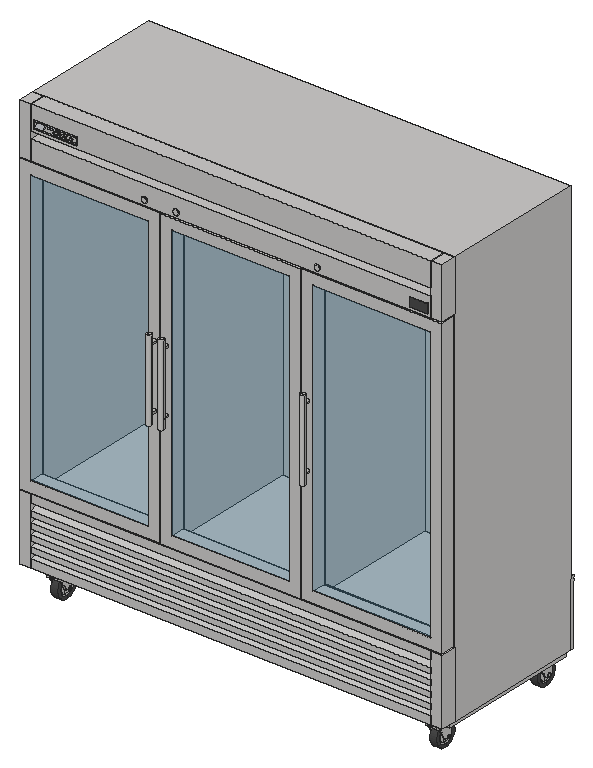
Revit family "QF_TRUE_T-72FG-HC~FGD01", category Specialty Equipment, Revit 2015
Parameters
  Weight in Pounds = 760
  Watts = Volts * FL Amps  # 1495 W
  Volts = 115 V
  URL Cutsheet = "www.truemfg.com"
  URL = "www.truemfg.com"
  Specification by User = ""
  Specification by Manufacturer = ""
  Show Clearance [instance] = yes
  Show 6 Inches Standard Legs [instance] = no
  Show 6 Inches Seismic Flanged Legs [instance] = no
  6 Inches Seismic Flanged Legs [instance] = and(Show 6 Inches Seismic Flanged Legs, not(Show 5 Inches Castors))  # no
  Show Logo [instance] = yes
  Serial Number = ""
  Seismic Rating = ""
  SMACNA No = ""
  Revision Code = ""
  Phase = 1
  Overall Height [instance] = Body Height + Base Height  # 83 3/8"
  Number of Poles = 1
  NAFEM Spec ID Number = ""
  Model = "T-72FG-HC-FGD01"
  Min Ckt Ampacity = 0 A
  Max Overcurrent Protection = 0 A
  Masterspec = ""
  Manufacturer = "TRUE"
  Length = 78 1/8"
  Item Number = ""
  Installed By = ""
  Identify Quantity as Lot = yes
  Height = 83 3/8"
  HP = "3/4"
  Furnished By = ""
  Foodservice Equipment Identifier = yes
  FL Amps = 13 A
  Electrical Remarks = ""
  Electric Connection Type = ""
  Elec Conn RI Height = 0"
  Elec Conn Connection Height = 0"
  Description = "REACH-IN GLASS SWING DOOR - 10ºF FREEZER WITH HYDROCARBON REFRIGERANT~FRAMED GLASS DOOR VERSION 01"
  Depth = 29 7/8"
  Cycle = 60 Hz
  Conn Plug = "NEMA-5-20P"
  Conn Conduit = yes
  CSI MasterFormat = ""
  Body Height = 78 3/8"
  Base Height [instance] = if(Show 5 Inches Castors, 5", 6")  # 5"
  Apparent Power = 0 VA
  6 Inches Standard Legs [instance] = and(Show 6 Inches Standard Legs, not(Show 5 Inches Castors))  # no
  Show 5 Inches Castors [instance] = if(Show 6 Inches Seismic Flanged Legs, Show 6 Inches Standard Legs, not(Show 6 Inches Standard Legs))  # yes
Reference planes (in)
  plane 1 "BACK": y = 0
  plane 2: z = 0
  plane 3 "LEFT": x = 0
  plane 4 "RIGHT": x = 78.125
  plane 5 "FRONT": y = -29.875
  plane 6 "TOP": z = 83.375
  plane 7 "Center Y": x = 39.0625
  plane 8 "Center X": y = -14.9375
  plane 9: z = 5
Dimensions and locks (in)
  equal spacing: plane 3 "LEFT", plane 7 "Center Y", plane 4 "RIGHT"
  "Length": plane 3 "LEFT" to plane 4 "RIGHT"
  equal spacing: plane 5 "FRONT", plane 8 "Center X", plane 1 "BACK"
  "Depth": plane 5 "FRONT" to plane 1 "BACK"
  "Overall Height": plane 6 "TOP" to level
  plane 3 "LEFT" to plane 4 "RIGHT" = 78 1/8"
  "Base Height": plane 9 to level
  "Body Height": nested 5 to plane 9
  plane 6 "TOP" to nested 5 = 77"
  plane 1 "BACK" to nested 5 = 5/8"  (x2)
  nested 5 to plane 5 "FRONT" = 1 5/8"  (x2)
  nested 5 to nested 5 = 30 1/2"
  nested 5 to nested 5 = 32 1/8"  (x2)
  plane 5 "FRONT" to plane 1 "BACK" = 29 7/8"
  nested 5 to plane 1 "BACK" = 31 1/2"
  aligned and locked: level to plane 2
Nested families (in)
  nested 1: "CASTER-LEGS" at (4, -2.625, 0), Show 5" Casters <- "Show 5 Inches Castors", Show 6 Inches Legs <- "6 Inches Standard Legs", Show Siesmic Flanged <- "6 Inches Seismic Flanged Legs", type "CASTER-LEGS"
    with Type Mark "", Status "", Specification by User "", Show Siesmic Flanged no, Show 6" Casters no, Show 6 Inches Legs no, Show 5" Casters yes, Show 4" Casters no, Show 2.5 Standard Legs no, Show 2.5 Casters no, Revision Code "", Low Profile no, Item Number "", Installed By "", Identify Quantity as Lot yes, Furnished By "", Foodservice Equipment Identifier yes
  nested 2: "CASTER-LEGS" at (4, -25.875, 0), Show 5" Casters <- "Show 5 Inches Castors", Show 6 Inches Legs <- "6 Inches Standard Legs", Show Siesmic Flanged <- "6 Inches Seismic Flanged Legs", type "CASTER-LEGS"
    with Type Mark "", Status "", Specification by User "", Show Siesmic Flanged no, Show 6" Casters no, Show 6 Inches Legs no, Show 5" Casters yes, Show 4" Casters no, Show 2.5 Standard Legs no, Show 2.5 Casters no, Revision Code "", Low Profile no, Item Number "", Installed By "", Identify Quantity as Lot yes, Furnished By "", Foodservice Equipment Identifier yes
  nested 3: "CASTER-LEGS" at (74.125, -2.625, 0), Show 5" Casters <- "Show 5 Inches Castors", Show 6 Inches Legs <- "6 Inches Standard Legs", Show Siesmic Flanged <- "6 Inches Seismic Flanged Legs", type "CASTER-LEGS"
    with Type Mark "", Status "", Specification by User "", Show Siesmic Flanged no, Show 6" Casters no, Show 6 Inches Legs no, Show 5" Casters yes, Show 4" Casters no, Show 2.5 Standard Legs no, Show 2.5 Casters no, Revision Code "", Low Profile no, Item Number "", Installed By "", Identify Quantity as Lot yes, Furnished By "", Foodservice Equipment Identifier yes
  nested 4: "CASTER-LEGS" at (74.125, -25.875, 0), Show 5" Casters <- "Show 5 Inches Castors", Show 6 Inches Legs <- "6 Inches Standard Legs", Show Siesmic Flanged <- "6 Inches Seismic Flanged Legs", type "CASTER-LEGS"
    with Type Mark "", Status "", Specification by User "", Show Siesmic Flanged no, Show 6" Casters no, Show 6 Inches Legs no, Show 5" Casters yes, Show 4" Casters no, Show 2.5 Standard Legs no, Show 2.5 Casters no, Revision Code "", Low Profile no, Item Number "", Installed By "", Identify Quantity as Lot yes, Furnished By "", Foodservice Equipment Identifier yes
  nested 5: "T-72FG-HC-FGD01" at (0, 0, 0), Show Clearance <- "Show Clearance", Show Logo <- "Show Logo", type "T-72FG-HC-FGD01"
    with Show Logo yes, Material and Finishes QF_Metal - Stainless - Polished
Connectors (in)
  electrical at (39.0625, 0.5, 12.75), driven by "Volts", driven by "Watts"
    settings: on nested 5, index 1, voltage 115 V, apparent load 1495 VA, apparent load phase1 0 VA, apparent load phase2 0 VA, apparent load phase3 0 VA, power factor 1, load classification "Other", number of poles 1, system type 30, power factor state 1, is connector primary yes, connector utility no, sub classification motor no, connector description "ELECTRICAL CONNECTION"
Definition of nested family "CASTER-LEGS"
  Parameters (values of type "CASTER-LEGS")
    Weight = ""
    URL Manufacturer = ""
    URL Cutsheet = ""
    URL = ""
    Type Mark [instance] = ""
    Status [instance] = ""
    Specification by User [instance] = ""
    Specification by Manufacturer = ""
    Show Siesmic Flanged [instance] = yes
    Show 6 Inches Legs [instance] = yes
    Show 6" Casters [instance] = yes
    Show 5" Casters [instance] = yes
    Show 4" Casters [instance] = yes
    Show 2.5 Standard Legs [instance] = yes
    Show 2.5 Casters [instance] = yes
    Serial Number = ""
    Seismic Rating = ""
    SMACNA No = ""
    Revision Code [instance] = ""
    Omniclass Number and Title = ""
    NAFEM Spec ID Number = ""
    Model = ""
    MasterSpec. = ""
    Manufacturer = ""
    Low Profile [instance] = yes
    Item Number [instance] = ""
    Installed By [instance] = ""
    Identify Quantity as Lot [instance] = yes
    Furnished By [instance] = ""
    Foodservice Equipment Identifier [instance] = yes
    Description = ""
    CSI MasterFormat = ""
    CSI Master Format = ""
    Assembly Code = ""
  Reference planes (in)
    plane 1: z = 0
    plane 2 "RIGHT": x = 0
    plane 3 "FRONT": y = 0
    plane 4 "TOP": z = 6
    plane 5: z = 2.125
    plane 6: z = 2.5
    plane 7: z = 6.25
  Forms (in)
    Revolve 1, solid, visible <- "Show 6 Inches Legs"
      sketch origin (11.12172, 0, 0) x (-1, 0, 0) y (0, 0, -1)
        loop
          line (11.12172, -6) -> (11.12172, 0) -> (10.62172, 0) -> (10.62172, -1.30261) -> (10.37172, -1.30261) -> (10.37172, -6) -> (11.12172, -6)
        axis (11.12172, 0) -> (11.12172, -6)
      angle from 0 to 360
    Extrusion 2, solid, visible <- "Show Siesmic Flanged"
      sketch origin (0, 0, 0) x (1, 0, 0) y (0, 1, 0)
        loop
          circle (-0.00825, 0) r 1
      from 0 to 0.125
    Revolve 3, solid, visible <- "Show Siesmic Flanged"
      sketch origin (11.12172, 0, 0) x (-1, 0, 0) y (0, 0, -1)
        loop
          line (11.12172, -6) -> (11.12172, -0.125) -> (10.62172, -0.125) -> (10.62172, -1.30261) -> (10.37172, -1.30261) -> (10.37172, -6) -> (11.12172, -6)
        axis (11.12172, -0.125) -> (11.12172, -6)
      angle from 0 to 360
    Revolve 4, solid, visible <- "Show 2.5 Standard Legs"
      sketch origin (11.12172, 0, 0) x (-1, 0, 0) y (0, 0, -1)
        loop
          line (11.12172, -2.5) -> (11.12172, 0) -> (10.62172, 0) -> (10.62172, -0.75) -> (10.37172, -0.75) -> (10.37172, -2.5) -> (11.12172, -2.5)
        axis (11.12172, 0) -> (11.12172, -2.5)
      angle from 0 to 360
  Dimensions and locks (in)
    plane 4 "TOP" to level = 6"  (x2)
    locked: Revolve 1 sketch curve to Revolve 1 sketch curve at 1.30261
    locked: Revolve 1 sketch curve to Revolve 1 sketch curve at 0.75
    nested 1 to level = 5"
    plane 6 to plane 1 = 2 1/2"
    plane 5 to plane 1 = 2 1/8"
    plane 7 to plane 1 = 6 1/4"
    locked: Revolve 3 sketch curve to Revolve 3 sketch curve at 0.75
    aligned and locked: level to plane 1
  Nested families (in)
    nested 1: "PITCO_5 INCHES CASTER" at (0, 0, 0), Show Casters <- "Show 5" Casters", type "PITCO_5 INCHES CASTER"
      with Type Mark "", Status "", Specification by User "", Show Casters yes, Revision Code "", Item Number "", Installed By "", Identify Quantity as Lot yes, Furnished By "", Foodservice Equipment Identifier yes
    nested 2: "2.13" at (0, 0, 0), 2.5 Inches Caster <- "Low Profile", type "2.13"
      with Type Mark "", Status "", Specification by User "", Revision Code "", Item Number "", Installed By "", Identify Quantity as Lot yes, Furnished By "", Foodservice Equipment Identifier yes, 2.5 Inches Caster yes
    nested 3: "C4" at (0, 0, 0), Show 4 Inches Casters <- "Show 4" Casters", type "C4"
      with Type Mark "", Specification by User "", Show 4 Inches Casters yes, Revision Code "", Item Number "", Installed By "", Identify Quantity as Lot yes, Furnished By "", Foodservice Equipment Identifier yes
    nested 4: "6 Inches Leg & Caster" at (0, 0, 0), Show Casters <- "Show 6" Casters", type "6 Inches Leg & Caster"
      with Type Mark "", Status "", Specification by User "", Show Casters yes, Revision Code "", Item Number "", Installed By "", Identify Quantity as Lot yes, Furnished By "", Foodservice Equipment Identifier yes
    nested 5: "C2.5" at (0, -0.86941, 0), 2.5 Inches Caster <- "Show 2.5 Casters", type "C2.5"
      with Type Mark "", Status "", Specification by User "", Revision Code "", Item Number "", Installed By "", Identify Quantity as Lot yes, Furnished By "", Foodservice Equipment Identifier yes, 2.5 Inches Caster yes
  Definition of nested family "PITCO_5 INCHES CASTER"
    Parameters (values of type "PITCO_5 INCHES CASTER")
      Weight = ""
      URL Manufacturer = ""
      URL Cutsheet = ""
      URL = ""
      Type Mark [instance] = ""
      Status [instance] = ""
      Specification by User [instance] = ""
      Specification by Manufacturer = ""
      Show Casters [instance] = yes
      Rubber = none
      Chrome = none
      Serial Number = ""
      Seismic Rating = ""
      SMACNA No = ""
      Revision Code [instance] = ""
      Omniclass Number and Title = ""
      NAFEM Spec ID Number = ""
      Model = ""
      MasterSpec. = ""
      Manufacturer = ""
      Item Number [instance] = ""
      Installed By [instance] = ""
      Identify Quantity as Lot [instance] = yes
      Furnished By [instance] = ""
      Foodservice Equipment Identifier [instance] = yes
      Description = ""
      CSI MasterFormat = ""
      CSI Master Format = ""
      Assembly Code = ""
    Reference planes (in)
      plane 1: z = 0
      plane 2 "RIGHT": x = 0
      plane 3 "FRONT": y = 0
      plane 4 "TOP": z = 5
      plane 5: z = 5.0625
    Forms (in)
      Revolve 1, solid, visible <- "Show Casters"
        sketch origin (-180, 1.0625, -34.67466) x (0, 0, -1) y (-1, 0, 0)
          loop
            line (-34.67466, -180.64009) -> (-34.67466, -179.35991) -> (-35.17466, -179.35991) -> (-35.17466, -179.48491) -> (-35.42466, -179.48491) -> (-35.42466, -179.64009) -> (-36.48519, -179.60306) -> (-36.48519, -178.85852) -> (-36.5316, -178.85852) -> (-36.5316, -178.71719) -> (-36.70591, -178.71719) -> (-36.70591, -181.28281) -> (-36.5316, -181.28281) -> (-36.5316, -181.14148) -> (-36.48519, -181.14148) -> (-36.48519, -180.39694) -> (-35.42466, -180.35991) -> (-35.42466, -180.51509) -> (-35.17466, -180.51509) -> (-35.17466, -180.64009) -> (-34.67466, -180.64009)
          axis (-36.70591, -181.28281) -> (-36.70591, -178.71719)
        angle from 0 to 360
      Extrusion 2, solid, visible <- "Show Casters"
        sketch origin (0, 0, -1.11142) x (0, -1, 0) y (1, 0, 0)
          loop
            circle (0, 0) r 1.5
        from 5.61142 to 6.17392
      Extrusion 3, solid, visible <- "Show Casters"
        sketch origin (0, 0, 0.289) x (0, -1, 0) y (0, 0, 1)
          loop
            arc (0.91808, 3.59427) -> (1.13645, 3.7909) -> (1.42156, 3.86198) r 0.60732
            line (1.42156, 3.86198) -> (1.46208, 3.86198) -> (1.43155, 4.211) -> (-1.43155, 4.211)
            arc (-1.43155, 4.211) -> (-1.62474, 4.13098) -> (-1.70476, 3.93778) r 0.27322
            line (-1.70476, 3.93778) -> (-1.70476, 3.78861) -> (-1.76351, 2.11371) -> (-1.82446, 1.68005)
            arc (-1.82446, 1.68005) -> (-1.73191, 1.41127) -> (-1.46007, 1.32816) r 0.31307
            line (-1.46007, 1.32816) -> (-0.60834, 1.47835)
            arc (-0.60834, 1.47835) -> (-0.50841, 1.51771) -> (-0.43181, 1.59299) r 0.26936
            line (-0.43181, 1.59299) -> (0.91808, 3.59427)
        from 0.84601 to 1.05998
      Extrusion 4, solid, visible <- "Show Casters"
        sketch origin (0, 0, -0.82242) x (0, -1, 0) y (0, 0, -1)
          loop
            line (1.43155, -5.32242) -> (1.46208, -4.9734) -> (1.42156, -4.9734)
            arc (1.42156, -4.9734) -> (1.13645, -4.90232) -> (0.91808, -4.70569) r 0.60732
            line (0.91808, -4.70569) -> (-0.43181, -2.70441)
            arc (-0.43181, -2.70441) -> (-0.50841, -2.62913) -> (-0.60834, -2.58977) r 0.26936
            line (-0.60834, -2.58977) -> (-1.46007, -2.43958)
            arc (-1.46007, -2.43958) -> (-1.73191, -2.52269) -> (-1.82446, -2.79147) r 0.31307
            line (-1.82446, -2.79147) -> (-1.76351, -3.22513) -> (-1.70476, -4.90003) -> (-1.70476, -5.0492)
            arc (-1.70476, -5.0492) -> (-1.62474, -5.2424) -> (-1.43155, -5.32242) r 0.27322
            line (-1.43155, -5.32242) -> (1.43155, -5.32242)
        from 0.84601 to 1.05998
      Extrusion 5, solid, visible <- "Show Casters"
        sketch origin (-0.84601, 0, 0.289) x (0, 1, 0) y (0, 0, 1)
          loop
            line (1.43155, 4.211) -> (-1.43155, 4.211) -> (-1.46208, 3.86198) -> (-1.42156, 3.86198)
            arc (-1.42156, 3.86198) -> (-1.13645, 3.7909) -> (-0.91808, 3.59427) r 0.60732
            arc (-0.91808, 3.59427) -> (0.37927, 3.88135) -> (1.70476, 3.78861) r 4.63574
            line (1.70476, 3.78861) -> (1.70476, 3.93778)
            arc (1.70476, 3.93778) -> (1.62474, 4.13098) -> (1.43155, 4.211) r 0.27322
        from 0 to 1.69203
    Cuts and joins
      joined: Extrusion 3, Extrusion 4, Extrusion 5
    Lines and regions (in)
      symbolic lines, visible <- "Show Casters"
        curve 1: line (0.70901, 2.6399, 0) -> (1.79507, 2.01286, 0)
        curve 2: line (-1.79099, -1.69023, 0) -> (0.70901, 2.6399, 0)
        curve 3: line (-0.70493, -2.31727, 0) -> (-1.79099, -1.69023, 0)
        curve 4: line (1.79507, 2.01286, 0) -> (-0.70493, -2.31727, 0)
    Dimensions and locks (in)
      plane 4 "TOP" to level = 5"  (x2)
      plane 5 to level = 5 1/16"
      aligned and locked: level to plane 1
  Definition of nested family "2.13"
    Parameters
      Weight = ""
      URL Manufacturer = ""
      URL Cutsheet = ""
      URL = ""
      Type Mark [instance] = ""
      Status [instance] = ""
      Specification by User [instance] = ""
      Specification by Manufacturer = ""
      Serial Number = ""
      Seismic Rating = ""
      SMACNA No = ""
      Revision Code [instance] = ""
      Omniclass Number and Title = ""
      NAFEM Spec ID Number = ""
      Model = ""
      MasterSpec. = ""
      Manufacturer = ""
      Item Number [instance] = ""
      Installed By [instance] = ""
      Identify Quantity as Lot [instance] = yes
      Furnished By [instance] = ""
      Foodservice Equipment Identifier [instance] = yes
      Description = ""
      CSI MasterFormat = ""
      CSI Master Format = ""
      Assembly Code = ""
      2.5 Inches Caster [instance] = yes
    Reference planes (in)
      plane 1: z = 0
      plane 2 "RIGHT": x = 0
      plane 3 "FRONT": y = 0
      plane 4 "TOP": z = 2.125
    Forms (in)
      Revolve 1, solid, visible <- "2.5 Inches Caster"
        sketch origin (-1.93794, 0.83816, -1.0041) x (1, 0, 0) y (0, 0, 1)
          loop
            line (0.74055, 1.76972) -> (0.74055, 1.69422) -> (0.79055, 1.64422) -> (0.85055, 1.64422) -> (0.85055, 1.52415) -> (1.235, 1.52415) -> (1.235, 1.4568) -> (1.38673, 1.3692) -> (1.4003, 1.28535) -> (1.34375, 1.28535) -> (1.34375, 1.16035) -> (1.375, 1.16035) -> (1.375, 1.0041) -> (1.87544, 1.0041) -> (1.87544, 1.52415) -> (2.00044, 1.52415) -> (2.00044, 1.0041) -> (2.48438, 1.0041) -> (2.48438, 1.16035) -> (2.51563, 1.16035) -> (2.51563, 1.28535) -> (2.45908, 1.28535) -> (2.47322, 1.37272) -> (2.62438, 1.45999) -> (2.62438, 1.52415) -> (3.04007, 1.52415) -> (3.04007, 1.64422) -> (3.10007, 1.64422) -> (3.15007, 1.69422) -> (3.15007, 1.76972) -> (0.74055, 1.76972)
          axis (0.74055, 1.76972) -> (3.15007, 1.76972)
        angle from 0 to 360
      Extrusion 2, solid, visible <- "2.5 Inches Caster"
        sketch origin (-1.93794, 1.80294, -3.6291) x (0, 1, 0) y (0, 0, 1)
          loop
            line (-0.64294, 5.43229) -> (-0.64294, 5.55298) -> (-2.21294, 5.55298) -> (-2.21294, 5.30272) -> (-1.81966, 5.30272)
            arc (-1.81966, 5.30272) -> (-1.13638, 5.20789) -> (-0.46376, 5.05475) r 8.02767
            arc (-0.46376, 5.05475) -> (-0.19511, 4.95469) -> (0.05138, 4.80832) r 1.60049
            line (0.05138, 4.80832) -> (0.12713, 4.91318)
            arc (0.12713, 4.91318) -> (-0.07255, 5.06376) -> (-0.29048, 5.18644) r 1.8753
            line (-0.29048, 5.18644) -> (-0.22239, 5.30423)
            arc (-0.22239, 5.30423) -> (-0.42776, 5.38437) -> (-0.64294, 5.43229) r 1.44292
        from 1.17357 to 2.70231
      Revolve 3, solid, visible <- "2.5 Inches Caster"
        sketch origin (0, 2.10856, -4.125) x (0, 1, 0) y (0, 0, 1)
          loop
            line (-1.73858, 6.25) -> (-1.73858, 6.04889) -> (-1.05793, 6.04889) -> (-1.05793, 6.25) -> (-1.73858, 6.25)
          axis (-1.73858, 6.04889) -> (-1.73858, 6.25)
        angle from 0 to 360
      Extrusion 4, solid, visible <- "2.5 Inches Caster"
        sketch origin (-1.98481, 1.80294, -2.1291) x (0, 1, 0) y (0, 0, 1)
          loop
            line (-2.21294, 4.05298) -> (-2.21294, 3.80272) -> (-2.13999, 3.80272)
            arc (-2.13999, 3.80272) -> (-1.62379, 3.51899) -> (-1.39241, 2.97729) r 0.90292
            arc (-1.39241, 2.97729) -> (-1.36136, 2.78161) -> (-1.29729, 2.59413) r 1.15385
            arc (-1.29729, 2.59413) -> (-0.94802, 2.37355) -> (-0.6121, 2.61396) r 0.37001
            arc (-0.6121, 2.61396) -> (-0.59625, 2.66241) -> (-0.58446, 2.712) r 0.61695
            arc (-0.58446, 2.712) -> (-0.36134, 3.11665) -> (0.05609, 3.31484) r 0.75313
            line (0.05609, 3.31484) -> (0.12713, 3.41318)
            arc (0.12713, 3.41318) -> (-0.07255, 3.56376) -> (-0.29048, 3.68644) r 1.8753
            line (-0.29048, 3.68644) -> (-0.22239, 3.80423)
            arc (-0.22239, 3.80423) -> (-0.42776, 3.88437) -> (-0.64294, 3.93229) r 1.44292
            line (-0.64294, 3.93229) -> (-0.64294, 4.05298) -> (-2.21294, 4.05298)
        from 2.74918 to 2.90825
      Extrusion 5, solid, visible <- "2.5 Inches Caster"
        sketch origin (1.98481, 1.80294, -2.1291) x (0, 1, 0) y (0, 0, -1)
          loop
            line (-2.21294, -4.05298) -> (-0.64294, -4.05298) -> (-0.64294, -3.93229)
            arc (-0.64294, -3.93229) -> (-0.42776, -3.88437) -> (-0.22239, -3.80423) r 1.44292
            line (-0.22239, -3.80423) -> (-0.29048, -3.68644)
            arc (-0.29048, -3.68644) -> (-0.07255, -3.56376) -> (0.12713, -3.41318) r 1.8753
            line (0.12713, -3.41318) -> (0.05609, -3.31484)
            arc (0.05609, -3.31484) -> (-0.36134, -3.11665) -> (-0.58446, -2.712) r 0.75313
            arc (-0.58446, -2.712) -> (-0.59625, -2.66241) -> (-0.6121, -2.61396) r 0.61695
            arc (-0.6121, -2.61396) -> (-0.94802, -2.37355) -> (-1.29729, -2.59413) r 0.37001
            arc (-1.29729, -2.59413) -> (-1.36136, -2.78161) -> (-1.39241, -2.97729) r 1.15385
            arc (-1.39241, -2.97729) -> (-1.62379, -3.51899) -> (-2.13999, -3.80272) r 0.90292
            line (-2.13999, -3.80272) -> (-2.21294, -3.80272) -> (-2.21294, -4.05298)
        from 2.74918 to 2.90825
    Lines and regions (in)
      symbolic lines, visible <- "2.5 Inches Caster"
        curve 1: line (0.10651, 1.27186, 0) -> (0.80944, 0.86603, 0)
        curve 2: line (-0.89349, -0.46019, 0) -> (0.10651, 1.27186, 0)
        curve 3: line (-0.19056, -0.86603, 0) -> (-0.89349, -0.46019, 0)
        curve 4: line (0.80944, 0.86603, 0) -> (-0.19056, -0.86603, 0)
    Dimensions and locks (in)
      plane 4 "TOP" to level = 2 1/8"  (x2)
      aligned and locked: level to plane 1
  Definition of nested family "C4"
    Parameters
      Weight = ""
      URL Manufacturer = ""
      URL Cutsheet = ""
      URL = ""
      Type Mark [instance] = ""
      Specification by User [instance] = ""
      Specification by Manufacturer = ""
      Show 4 Inches Casters [instance] = yes
      Serial Number = ""
      Seismic Rating = ""
      SMACNA No = ""
      Revision Code [instance] = ""
      Omniclass Number and Title = ""
      NAFEM Spec ID Number = ""
      Model = ""
      MasterSpec. = ""
      Manufacturer = ""
      Item Number [instance] = ""
      Installed By [instance] = ""
      Identify Quantity as Lot [instance] = yes
      Furnished By [instance] = ""
      Foodservice Equipment Identifier [instance] = yes
      Description = ""
      CSI MasterFormat = ""
      CSI Master Format = ""
      Assembly Code = ""
    Reference planes (in)
      plane 1: z = 0
      plane 2 "RIGHT": x = 0
      plane 3 "FRONT": y = 0
      plane 4 "TOP": z = 4
    Forms (in)
      Revolve 1, solid, visible <- "Show 4 Inches Casters"
        sketch origin (-1.93794, 0.83816, -1.0041) x (1, 0, 0) y (0, 0, 1)
          loop
            line (0.74055, 2.5041) -> (3.15007, 2.5041) -> (3.15007, 2.5796) -> (3.10007, 2.6296) -> (3.04007, 2.6296) -> (3.04007, 2.74967) -> (2.62438, 2.74967) -> (2.62438, 2.93884) -> (2.48438, 3.01967) -> (2.45908, 3.17597) -> (2.51563, 3.17597) -> (2.51563, 3.41035) -> (2.48438, 3.41035) -> (2.48438, 4.0041) -> (1.375, 4.0041) -> (1.375, 3.41035) -> (1.34375, 3.41035) -> (1.34375, 3.17597) -> (1.4003, 3.17597) -> (1.37557, 3.02318) -> (1.235, 2.94202) -> (1.235, 2.74967) -> (0.85055, 2.74967) -> (0.85055, 2.6296) -> (0.79055, 2.6296) -> (0.74055, 2.5796) -> (0.74055, 2.5041)
          axis (0.74055, 2.5041) -> (3.15007, 2.5041)
        angle from 0 to 360
      Extrusion 2, solid, visible <- "Show 4 Inches Casters"
        sketch origin (-1.93794, 1.80294, -1.7541) x (0, 1, 0) y (0, 0, 1)
          loop
            line (-3.08794, 5.33423) -> (-3.08794, 5.00584) -> (-2.69466, 5.00584)
            arc (-2.69466, 5.00584) -> (-1.57175, 4.94895) -> (-0.46376, 4.75787) r 9.36411
            arc (-0.46376, 4.75787) -> (-0.05889, 4.58436) -> (0.28335, 4.30705) r 1.60049
            line (0.28335, 4.30705) -> (0.34449, 4.39437)
            arc (0.34449, 4.39437) -> (0.12713, 4.6163) -> (-0.1239, 4.79931) r 1.8753
            line (-0.1239, 4.79931) -> (-0.05749, 4.91421)
            arc (-0.05749, 4.91421) -> (-0.33807, 5.05694) -> (-0.64294, 5.13542) r 1.44292
            line (-0.64294, 5.13542) -> (-0.64294, 5.33423) -> (-3.08794, 5.33423)
        from 1.1267 to 2.74918
      Revolve 3, solid, visible <- "Show 4 Inches Casters"
        sketch origin (0, 2.15543, -2.25) x (0, 1, 0) y (0, 0, 1)
          loop
            line (-2.21793, 6.25) -> (-2.21793, 5.83014) -> (-1.05793, 5.83014) -> (-1.05793, 6.25) -> (-2.21793, 6.25)
          axis (-2.21793, 5.83014) -> (-2.21793, 6.25)
        angle from 0 to 360
      Extrusion 4, solid, visible <- "Show 4 Inches Casters"
        sketch origin (-1.93794, 1.80294, -1.7541) x (0, 1, 0) y (0, 0, 1)
          loop
            line (-3.08794, 5.33423) -> (-3.08794, 5.00584) -> (-2.8913, 5.00584)
            arc (-2.8913, 5.00584) -> (-2.09118, 4.14057) -> (-1.45681, 3.14736) r 6.63355
            arc (-1.45681, 3.14736) -> (-0.85703, 2.75969) -> (-0.4561, 3.35069) r 0.5107
            arc (-0.4561, 3.35069) -> (-0.27092, 3.92503) -> (0.24034, 4.24562) r 0.88136
            line (0.24034, 4.24562) -> (0.34449, 4.39437)
            arc (0.34449, 4.39437) -> (0.12713, 4.6163) -> (-0.1239, 4.79931) r 1.8753
            line (-0.1239, 4.79931) -> (-0.05749, 4.91421)
            arc (-0.05749, 4.91421) -> (-0.33807, 5.05694) -> (-0.64294, 5.13542) r 1.44292
            line (-0.64294, 5.13542) -> (-0.64294, 5.33423) -> (-3.08794, 5.33423)
        from 2.74918 to 2.90825
      Extrusion 5, solid, visible <- "Show 4 Inches Casters"
        sketch origin (1.93794, 1.80294, -1.7541) x (0, 1, 0) y (0, 0, -1)
          loop
            line (-3.08794, -5.33423) -> (-0.64294, -5.33423) -> (-0.64294, -5.13542)
            arc (-0.64294, -5.13542) -> (-0.33807, -5.05694) -> (-0.05749, -4.91421) r 1.44292
            line (-0.05749, -4.91421) -> (-0.1239, -4.79931)
            arc (-0.1239, -4.79931) -> (0.12713, -4.6163) -> (0.34449, -4.39437) r 1.8753
            line (0.34449, -4.39437) -> (0.24034, -4.24562)
            arc (0.24034, -4.24562) -> (-0.27092, -3.92503) -> (-0.4561, -3.35069) r 0.88136
            arc (-0.4561, -3.35069) -> (-0.85703, -2.75969) -> (-1.45681, -3.14736) r 0.5107
            arc (-1.45681, -3.14736) -> (-2.09118, -4.14057) -> (-2.8913, -5.00584) r 6.63355
            line (-2.8913, -5.00584) -> (-3.08794, -5.00584) -> (-3.08794, -5.33423)
        from 2.74918 to 2.90825
    Cuts and joins
      joined: Extrusion 2, Extrusion 4, Extrusion 5
    Lines and regions (in)
      symbolic lines, visible <- "Show 4 Inches Casters"
        curve 1: line (0.28481, 1.83041, 0) -> (1.24556, 1.27572, 0)
        curve 2: line (-1.26206, -0.84886, 0) -> (0.28481, 1.83041, 0)
        curve 3: line (-0.30132, -1.40355, 0) -> (-1.26206, -0.84886, 0)
        curve 4: line (1.24556, 1.27572, 0) -> (-0.30132, -1.40355, 0)
    Dimensions and locks (in)
      plane 4 "TOP" to level = 4"  (x2)
      aligned and locked: level to plane 1
  Definition of nested family "6 Inches Leg & Caster"
    Parameters
      Weight = ""
      URL Manufacturer = ""
      URL Cutsheet = ""
      URL = ""
      Type Mark [instance] = ""
      Status [instance] = ""
      Specification by User [instance] = ""
      Specification by Manufacturer = ""
      Show Casters [instance] = yes
      Serial Number = ""
      Seismic Rating = ""
      SMACNA No = ""
      Revision Code [instance] = ""
      Omniclass Number and Title = ""
      NAFEM Spec ID Number = ""
      Model = ""
      MasterSpec. = ""
      Manufacturer = ""
      Item Number [instance] = ""
      Installed By [instance] = ""
      Identify Quantity as Lot [instance] = yes
      Furnished By [instance] = ""
      Foodservice Equipment Identifier [instance] = yes
      Description = ""
      CSI MasterFormat = ""
      CSI Master Format = ""
    Reference planes (in)
      plane 1 "BACK": y = 0
      plane 2: z = 0
      plane 3 "LEFT": x = 0
      plane 4 "RIGHT": x = 0
      plane 5 "FRONT": y = 0
      plane 6 "TOP": z = 6.25
    Forms (in)
      Revolve 1, solid, visible <- "Show Casters"
        sketch origin (-2.21793, 0, -0.25) x (-1, 0, 0) y (0, 0, 1)
          loop
            line (-2.21793, 6) -> (-2.21793, 5.55584) -> (-0.93693, 5.55584) -> (-0.93693, 6) -> (-2.21793, 6)
          axis (-2.21793, 5.55584) -> (-2.21793, 6)
        angle from 0 to 360
      Extrusion 2, solid, visible <- "Show Casters"
        sketch origin (0.25594, 2.21793, -0.1875) x (0, 1, 0) y (0, 0, 1)
          loop
            line (-3.37793, 5.49334) -> (-3.37793, 5.24334) -> (-1.63015, 2.08504)
            arc (-1.63015, 2.08504) -> (-0.63555, 1.74359) -> (-0.1951, 2.69848) r 0.78437
            line (-0.1951, 2.69848) -> (-1.06726, 5.49334) -> (-3.37793, 5.49334)
        from 0.78968 to 0.90247
      Extrusion 3, solid, visible <- "Show Casters"
        sketch origin (0, 0, 5.75) x (0, 1, 0) y (-1, 0, 0)
          loop
            circle (0, 0) r 0.75
        from 0 to 0.5
      Extrusion 4, solid, visible <- "Show Casters"
        sketch origin (-0.25594, 2.21793, -0.1875) x (0, 1, 0) y (0, 0, -1)
          loop
            line (-3.37793, -5.49334) -> (-1.06726, -5.49334) -> (-0.1951, -2.69848)
            arc (-0.1951, -2.69848) -> (-0.63555, -1.74359) -> (-1.63015, -2.08504) r 0.78437
            line (-1.63015, -2.08504) -> (-3.37793, -5.24334) -> (-3.37793, -5.49334)
        from 0.78968 to 0.90247
      Extrusion 5, solid, visible <- "Show Casters"
        sketch origin (0, 0, 0.75) x (0, 1, 0) y (0, 0, 1)
          loop
            line (-1.16, 4.55584) -> (-1.16, 4.30584) -> (1.15067, 4.30584) -> (1.15067, 4.55584) -> (-1.16, 4.55584)
        from -1.04562 to 1.04562
      Revolve 6, solid, visible <- "Show Casters"
        sketch origin (-1.9375, 1.23015, -0.12802) x (1, 0, 0) y (0, 0, 1)
          loop
            line (0.5843, 2.5041) -> (0.5843, 2.3661) -> (0.6343, 2.3161) -> (0.6943, 2.3161) -> (0.6943, 2.1804) -> (1.1725, 2.1804) -> (1.1725, 1.78493) -> (1.31307, 1.70377) -> (1.42647, 1.00302) -> (1.28125, 1.00302) -> (1.28125, 0.75302) -> (1.3125, 0.75302) -> (1.3125, 0.50302)
            arc (1.3125, 0.50302) -> (1.42233, 0.23785) -> (1.6875, 0.12802) r 0.375
            line (1.6875, 0.12802) -> (2.1875, 0.12802)
            arc (2.1875, 0.12802) -> (2.45267, 0.23785) -> (2.5625, 0.50302) r 0.375
            line (2.5625, 0.50302) -> (2.5625, 0.75302) -> (2.59375, 0.75302) -> (2.59375, 1.00302) -> (2.44853, 1.00302) -> (2.5625, 1.70728) -> (2.7025, 1.78811) -> (2.7025, 2.1804) -> (3.1807, 2.1804) -> (3.1807, 2.3161) -> (3.2407, 2.3161) -> (3.2907, 2.3661) -> (3.2907, 2.5041) -> (0.5843, 2.5041)
          axis (0.5843, 2.5041) -> (3.2907, 2.5041)
        angle from 0 to 360
    Cuts and joins
      joined: Extrusion 2, Extrusion 4, Extrusion 5
    Lines and regions (in)
      symbolic lines, visible <- "Show Casters"
        curve 1: line (0.46086, 2.04455, 0) -> (1.54339, 1.41955, 0)
        curve 2: line (-1.53914, -1.41955, 0) -> (0.46086, 2.04455, 0)
        curve 3: line (-0.45661, -2.04455, 0) -> (-1.53914, -1.41955, 0)
        curve 4: line (1.54339, 1.41955, 0) -> (-0.45661, -2.04455, 0)
    Dimensions and locks (in)
      plane 6 "TOP" to level = 6 1/4"  (x2)
      aligned and locked: level to plane 2
  Definition of nested family "C2.5"
    Parameters
      Weight = ""
      URL Manufacturer = ""
      URL Cutsheet = ""
      URL = ""
      Type Mark [instance] = ""
      Status [instance] = ""
      Specification by User [instance] = ""
      Specification by Manufacturer = ""
      Serial Number = ""
      Seismic Rating = ""
      SMACNA No = ""
      Revision Code [instance] = ""
      Omniclass Number and Title = ""
      NAFEM Spec ID Number = ""
      Model = ""
      MasterSpec. = ""
      Manufacturer = ""
      Item Number [instance] = ""
      Installed By [instance] = ""
      Identify Quantity as Lot [instance] = yes
      Furnished By [instance] = ""
      Foodservice Equipment Identifier [instance] = yes
      Description = ""
      CSI MasterFormat = ""
      CSI Master Format = ""
      Assembly Code = ""
      2.5 Inches Caster [instance] = yes
    Reference planes (in)
      plane 1: z = 0
      plane 2 "RIGHT": x = 0
      plane 3 "FRONT": y = 0
      plane 4 "TOP": z = 2.5
    Forms (in)
      Revolve 1, solid, visible <- "2.5 Inches Caster"
        sketch origin (-1.93794, 0.83816, -1.0041) x (1, 0, 0) y (0, 0, 1)
          loop
            line (0.74055, 1.92597) -> (0.74055, 1.85047) -> (0.79055, 1.80047) -> (0.85055, 1.80047) -> (0.85055, 1.6804) -> (1.235, 1.6804) -> (1.235, 1.61305) -> (1.38673, 1.52545) -> (1.4003, 1.4416) -> (1.34375, 1.4416) -> (1.34375, 1.3166) -> (1.375, 1.3166) -> (1.375, 1.0041) -> (2.48438, 1.0041) -> (2.48438, 1.3166) -> (2.51563, 1.3166) -> (2.51563, 1.4416) -> (2.45908, 1.4416) -> (2.47322, 1.52897) -> (2.62438, 1.61624) -> (2.62438, 1.6804) -> (3.04007, 1.6804) -> (3.04007, 1.80047) -> (3.10007, 1.80047) -> (3.15007, 1.85047) -> (3.15007, 1.92597) -> (0.74055, 1.92597)
          axis (0.74055, 1.92597) -> (3.15007, 1.92597)
        angle from 0 to 360
      Extrusion 2, solid, visible <- "2.5 Inches Caster"
        sketch origin (-1.93794, 1.80294, -3.2541) x (0, 1, 0) y (0, 0, 1)
          loop
            line (-0.64294, 5.43229) -> (-0.64294, 5.55298) -> (-2.21294, 5.55298) -> (-2.21294, 5.30272) -> (-1.81966, 5.30272)
            arc (-1.81966, 5.30272) -> (-1.13638, 5.20789) -> (-0.46376, 5.05475) r 8.02767
            arc (-0.46376, 5.05475) -> (-0.19511, 4.95469) -> (0.05138, 4.80832) r 1.60049
            line (0.05138, 4.80832) -> (0.12713, 4.91318)
            arc (0.12713, 4.91318) -> (-0.07255, 5.06376) -> (-0.29048, 5.18644) r 1.8753
            line (-0.29048, 5.18644) -> (-0.22239, 5.30423)
            arc (-0.22239, 5.30423) -> (-0.42776, 5.38437) -> (-0.64294, 5.43229) r 1.44292
        from 1.17357 to 2.70231
      Revolve 3, solid, visible <- "2.5 Inches Caster"
        sketch origin (0, 2.10856, -3.75) x (0, 1, 0) y (0, 0, 1)
          loop
            line (-1.73858, 6.25) -> (-1.73858, 6.04889) -> (-1.05793, 6.04889) -> (-1.05793, 6.25) -> (-1.73858, 6.25)
          axis (-1.73858, 6.04889) -> (-1.73858, 6.25)
        angle from 0 to 360
      Extrusion 4, solid, visible <- "2.5 Inches Caster"
        sketch origin (-1.98481, 1.80294, -1.7541) x (0, 1, 0) y (0, 0, 1)
          loop
            line (-2.21294, 4.05298) -> (-2.21294, 3.80272) -> (-2.13999, 3.80272)
            arc (-2.13999, 3.80272) -> (-1.62379, 3.51899) -> (-1.39241, 2.97729) r 0.90292
            arc (-1.39241, 2.97729) -> (-1.36136, 2.78161) -> (-1.29729, 2.59413) r 1.15385
            arc (-1.29729, 2.59413) -> (-0.94802, 2.37355) -> (-0.6121, 2.61396) r 0.37001
            arc (-0.6121, 2.61396) -> (-0.59625, 2.66241) -> (-0.58446, 2.712) r 0.61695
            arc (-0.58446, 2.712) -> (-0.36134, 3.11665) -> (0.05609, 3.31484) r 0.75313
            line (0.05609, 3.31484) -> (0.12713, 3.41318)
            arc (0.12713, 3.41318) -> (-0.07255, 3.56376) -> (-0.29048, 3.68644) r 1.8753
            line (-0.29048, 3.68644) -> (-0.22239, 3.80423)
            arc (-0.22239, 3.80423) -> (-0.42776, 3.88437) -> (-0.64294, 3.93229) r 1.44292
            line (-0.64294, 3.93229) -> (-0.64294, 4.05298) -> (-2.21294, 4.05298)
        from 2.74918 to 2.90825
      Extrusion 5, solid, visible <- "2.5 Inches Caster"
        sketch origin (1.98481, 1.80294, -1.7541) x (0, 1, 0) y (0, 0, -1)
          loop
            line (-2.21294, -4.05298) -> (-0.64294, -4.05298) -> (-0.64294, -3.93229)
            arc (-0.64294, -3.93229) -> (-0.42776, -3.88437) -> (-0.22239, -3.80423) r 1.44292
            line (-0.22239, -3.80423) -> (-0.29048, -3.68644)
            arc (-0.29048, -3.68644) -> (-0.07255, -3.56376) -> (0.12713, -3.41318) r 1.8753
            line (0.12713, -3.41318) -> (0.05609, -3.31484)
            arc (0.05609, -3.31484) -> (-0.36134, -3.11665) -> (-0.58446, -2.712) r 0.75313
            arc (-0.58446, -2.712) -> (-0.59625, -2.66241) -> (-0.6121, -2.61396) r 0.61695
            arc (-0.6121, -2.61396) -> (-0.94802, -2.37355) -> (-1.29729, -2.59413) r 0.37001
            arc (-1.29729, -2.59413) -> (-1.36136, -2.78161) -> (-1.39241, -2.97729) r 1.15385
            arc (-1.39241, -2.97729) -> (-1.62379, -3.51899) -> (-2.13999, -3.80272) r 0.90292
            line (-2.13999, -3.80272) -> (-2.21294, -3.80272) -> (-2.21294, -4.05298)
        from 2.74918 to 2.90825
    Lines and regions (in)
      symbolic lines, visible <- "2.5 Inches Caster"
        curve 1: line (0.10651, 1.96132, 0) -> (0.80944, 1.55548, 0)
        curve 2: line (-0.89349, 0.22927, 0) -> (0.10651, 1.96132, 0)
        curve 3: line (-0.19056, -0.17657, 0) -> (-0.89349, 0.22927, 0)
        curve 4: line (0.80944, 1.55548, 0) -> (-0.19056, -0.17657, 0)
    Dimensions and locks (in)
      plane 4 "TOP" to level = 2 1/2"  (x2)
      aligned and locked: level to plane 1
Definition of nested family "T-72FG-HC-FGD01"
  Parameters (values of type "T-72FG-HC-FGD01")
    Weight in Pounds = 0
    URL Cutsheet = ""
    Specification by User = ""
    Specification by Manufacturer = ""
    Show Logo [instance] = yes
    Show Clearance [instance] = yes
    Serial Number = ""
    Seismic Rating = ""
    SMACNA No = ""
    Revision Code = ""
    NAFEM Spec ID Number = ""
    Material and Finishes [instance] = none
    Masterspec = ""
    Item Number = ""
    Installed By = ""
    Identify Quantity as Lot = yes
    Furnished By = ""
    Foodservice Equipment Identifier = yes
    CSI MasterFormat = ""
  Reference planes (in)
    plane 1 "BACK": y = 0
    plane 2: z = 0
    plane 3 "LEFT": x = 0
    plane 4 "RIGHT": x = 78.125
    plane 5 "FRONT": y = -29.875
    plane 6 "TOP": z = 83.375
    plane 7 "Center Y": x = 39.0625
    plane 8 "Center X": y = -14.9375
    plane 9: y = -54.875
    plane 10: y = -54.875
    plane 11: z = 18.875
    plane 12: z = 7.0625
    plane 13: z = 81.375
    plane 14: z = 7.0625
    plane 15: z = 81.375
    plane 16: z = 5
    plane 17: z = 6.375
    plane 18: y = -54.8125
    plane 19: z = 18.875
    plane 20: z = 7.0625
    plane 21: z = 81.375
    plane 22: z = 7.0625
    plane 23: z = 81.375
    plane 24: y = 0.625
    plane 25: y = -31.5
  Forms (in)
    Extrusion 1, solid, material <- "Material and Finishes"
      sketch origin (-5.09019, 0, 48) x (-1, 0, 0) y (0, 0, 1)
        loop
          line (-5.09019, 35.375) -> (-7.09019, 35.375) -> (-7.09019, -41.625) -> (-5.09019, -41.625) -> (-5.09019, 35.375)
      from 0 to -26.875
    Extrusion 2, solid, material <- "Material and Finishes"
      sketch origin (2, -26.875, 83.375) x (0, 0, -1) y (0, 1, 0)
        loop
          line (0, -3) -> (4.5, -3) -> (5.75, -0.19245) -> (5.75, -3) -> (9.5, -3) -> (9.5, 0) -> (0, 0) -> (0, -3)
        loop
          line (64.75, -3) -> (66.25, -3) -> (66.25, -0.43712) -> (67.5, -3) -> (68.5, -3) -> (68.5, -0.9497) -> (69.5, -3) -> (70.5, -3) -> (70.5, -0.9497) -> (71.5, -3) -> (72.5, -3) -> (72.5, -0.9497) -> (73.5, -3) -> (74.5, -3) -> (74.5, -0.9497) -> (75.5, -3) -> (77, -3) -> (77, 0) -> (64.75, 0) -> (64.75, -3)
      from 0 to 74.125
    Extrusion 3, solid
      sketch origin (-5.09019, -29.875, 48) x (1, 0, 0) y (0, 0, 1)
        loop
          line (7.09019, -27.125) -> (28.96519, -27.125) -> (28.96519, 23.625) -> (7.09019, 23.625) -> (7.09019, -27.125)
        loop
          line (33.2198, -27.125) -> (55.0948, -27.125) -> (55.0948, 23.625) -> (33.2198, 23.625) -> (33.2198, -27.125)
        loop
          line (81.21519, -27.125) -> (81.21519, 23.625) -> (59.34019, 23.625) -> (59.34019, -27.125) -> (81.21519, -27.125)
      from 0 to -0.125
    Extrusion 4, solid, visible <- "Show Clearance", detail levels coarse
      sketch origin (0, -26.875, 46.5) x (0, -1, 0) y (-1, 0, 0)
        loop
          arc (3, -25.875) -> (20.82042, -18.078) -> (28, 0) r 25.57154
          line (28, 0) -> (3, 0) -> (3, -25.875)
        loop
          line (3, -26.125) -> (3, -52) -> (28, -52)
          arc (28, -52) -> (20.82042, -33.922) -> (3, -26.125) r 25.57154
        loop
          line (3, -52.25) -> (3, -78.125) -> (28, -78.125)
          arc (28, -78.125) -> (20.82042, -60.047) -> (3, -52.25) r 25.57154
      from 27.625 to -27.125
    Extrusion 5, solid, material <- "Material and Finishes"
      sketch origin (0, 0, 82.375) x (0, 0, 1) y (0, 1, 0)
        loop
          line (-76, 0) -> (-63.92678, 0) -> (-63.92678, 0.14819) -> (-63.75, 0.32496) -> (-63.75, 0.625) -> (-64.09324, 0.625) -> (-64.09324, 0.375) -> (-64.47374, 0.375) -> (-64.47374, 0.625) -> (-64.81856, 0.625) -> (-64.81856, 0.375) -> (-76, 0.375) -> (-76, 0)
      from 0 to -78.125
    Extrusion 6, solid, material <- "Material and Finishes"
      sketch origin (2, 0, 83.375) x (0, 0, -1) y (0, 1, 0)
        loop
          line (0, 0) -> (0, -26.875) -> (2, -26.875) -> (2, -2.6875) -> (64.75, -2.6875) -> (64.75, -26.875) -> (77, -26.875) -> (77, 0) -> (0, 0)
      from 0 to 74.125
    Extrusion 7, solid, material <- "Material and Finishes"
      sketch origin (-5.09019, -26.875, 48) x (1, 0, 0) y (0, 0, 1)
        loop
          line (30.96519, 25.625) -> (5.09019, 25.625) -> (5.09019, -29.125) -> (30.96519, -29.125) -> (30.96519, 25.625)
        loop
          line (28.96519, 23.625) -> (7.09019, 23.625) -> (7.09019, -27.125) -> (28.96519, -27.125) -> (28.96519, 23.625)
        loop
          line (57.34019, 25.625) -> (57.34019, -29.125) -> (83.21519, -29.125) -> (83.21519, 25.625) -> (57.34019, 25.625)
        loop
          line (59.34019, 23.625) -> (59.34019, -27.125) -> (81.21519, -27.125) -> (81.21519, 23.625) -> (59.34019, 23.625)
        loop
          line (31.21519, 25.625) -> (31.21519, -29.125) -> (57.09019, -29.125) -> (57.09019, 25.625) -> (31.21519, 25.625)
        loop
          line (33.21057, 23.625) -> (33.21057, -27.125) -> (55.0948, -27.125) -> (55.0948, 23.625) -> (33.21057, 23.625)
      from 0.5 to 3
    Extrusion 8, solid, material <- "Material and Finishes"
      sketch origin (2, -26.875, 83.375) x (0, 0, -1) y (0, 1, 0)
        loop
          line (0, -3) -> (9.5, -3) -> (9.5, 0) -> (0, 0) -> (0, -3)
        loop
          line (64.75, -3) -> (77, -3) -> (77, 0) -> (64.75, 0) -> (64.75, -3)
      from 0 to -2
    Extrusion 9, solid
      sketch origin (-5.09019, -26.875, 48) x (1, 0, 0) y (0, 0, 1)
        loop
          line (5.34019, -28.99634) -> (30.71519, -28.99634) -> (30.71519, 25.49634) -> (5.34019, 25.49634) -> (5.34019, -28.99634)
        loop
          line (6.84019, 23.875) -> (6.84019, -27.375) -> (29.21519, -27.375) -> (29.21519, 23.875) -> (6.84019, 23.875)
        loop
          line (31.46519, -28.99634) -> (56.84019, -28.99634) -> (56.84019, 25.49634) -> (31.46519, 25.49634) -> (31.46519, -28.99634)
        loop
          line (32.96519, 23.875) -> (32.96519, -27.375) -> (55.34019, -27.375) -> (55.34019, 23.875) -> (32.96519, 23.875)
        loop
          line (57.59019, -28.99634) -> (82.96519, -28.99634) -> (82.96519, 25.49634) -> (57.59019, 25.49634) -> (57.59019, -28.99634)
        loop
          line (59.09019, 23.875) -> (59.09019, -27.375) -> (81.46519, -27.375) -> (81.46519, 23.875) -> (59.09019, 23.875)
      from 0 to 0.5
    Extrusion 10, solid, material <- "Material and Finishes"
      sketch origin (76.125, -26.875, 83.375) x (0, 0, -1) y (0, -1, 0)
        loop
          line (0, 3) -> (0, 0) -> (9.5, 0) -> (9.5, 3) -> (0, 3)
        loop
          line (64.75, 3) -> (64.75, 0) -> (77, 0) -> (77, 3) -> (64.75, 3)
      from 0 to -2
    Extrusion 11, solid, material <- "Material and Finishes"
      sketch origin (83.21519, 0, 48) x (1, 0, 0) y (0, 0, -1)
        loop
          line (-5.09019, -35.375) -> (-5.09019, 41.625) -> (-7.09019, 41.625) -> (-7.09019, -35.375) -> (-5.09019, -35.375)
      from 0 to -26.875
    Extrusion 12, solid
      sketch origin (3.90625, -29.875, 77.625) x (0, 0, -1) y (1, 0, 0)
        loop
          line (1.52381, 68.36966) -> (3.27381, 68.36966) -> (3.27381, 71.61966) -> (1.52381, 71.61966) -> (1.52381, 68.36966)
      from 0 to 0.0625
    Extrusion 13, solid
      sketch origin (0.92187, -29.875, 77.625) x (0, 0, -1) y (1, 0, 0)
        loop
          circle (2.77758, 22.14431) r 0.5
        loop
          circle (2.77758, 28.01194) r 0.5
        loop
          circle (2.77758, 54.13694) r 0.5
      from 0 to 0.0625
    Extrusion 14, solid, material <- "Material and Finishes"
      sketch origin (-1.07812, -29.875, 0) x (1, 0, 0) y (0, 0, 1)
        loop
          line (28.07812, 18.625) -> (28.07812, 81.375) -> (26.07812, 81.375) -> (26.07812, 18.625) -> (28.07812, 18.625)
      from -27.1875 to -3
    Extrusion 15, solid, material <- "Material and Finishes"
      sketch origin (79.20312, -29.875, 0) x (-1, 0, 0) y (0, 0, -1)
        loop
          line (28.07812, -18.625) -> (26.07812, -18.625) -> (26.07812, -81.375) -> (28.07812, -81.375) -> (28.07812, -18.625)
      from -27.1875 to -3
    Extrusion 16, solid, material <- "Material and Finishes"
      sketch origin (0, -29.875, 0) x (1, 0, 0) y (0, 0, 1)
        loop
          line (1, 6.375) -> (1, 5) -> (77.125, 5) -> (77.125, 6.375) -> (1, 6.375)
      from -3 to -29.8125
    Extrusion 17, solid, material <- "Material and Finishes", not visible
      sketch origin (-5.09019, 0.0625, 48) x (-1, 0, 0) y (0, 0, 1)
        loop
          line (-5.09019, 35.375) -> (-7.09019, 35.375) -> (-7.09019, -41.625) -> (-5.09019, -41.625) -> (-5.09019, 35.375)
      from 0 to -26.875
    Extrusion 18, solid, material <- "Material and Finishes", not visible
      sketch origin (2, -26.8125, 83.375) x (0, 0, -1) y (0, 1, 0)
        loop
          line (0, -3) -> (4.5, -3) -> (5.75, -0.19245) -> (5.75, -3) -> (9.5, -3) -> (9.5, 0) -> (0, 0) -> (0, -3)
        loop
          line (64.75, -3) -> (66.25, -3) -> (66.25, -0.43712) -> (67.5, -3) -> (68.5, -3) -> (68.5, -0.9497) -> (69.5, -3) -> (70.5, -3) -> (70.5, -0.9497) -> (71.5, -3) -> (72.5, -3) -> (72.5, -0.9497) -> (73.5, -3) -> (74.5, -3) -> (74.5, -0.9497) -> (75.5, -3) -> (77, -3) -> (77, 0) -> (64.75, 0) -> (64.75, -3)
      from 0 to 74.125
    Extrusion 19, solid, not visible
      sketch origin (-5.09019, -29.8125, 48) x (1, 0, 0) y (0, 0, 1)
        loop
          line (7.09019, -27.125) -> (28.96519, -27.125) -> (28.96519, 23.625) -> (7.09019, 23.625) -> (7.09019, -27.125)
        loop
          line (33.2198, -27.125) -> (55.0948, -27.125) -> (55.0948, 23.625) -> (33.2198, 23.625) -> (33.2198, -27.125)
        loop
          line (81.21519, -27.125) -> (81.21519, 23.625) -> (59.34019, 23.625) -> (59.34019, -27.125) -> (81.21519, -27.125)
      from 0 to -0.125
    Extrusion 20, solid, visible <- "Show Clearance", not visible, detail levels coarse
      sketch origin (0, -26.8125, 46.5) x (0, -1, 0) y (-1, 0, 0)
        loop
          arc (3, -25.875) -> (20.82042, -18.078) -> (28, 0) r 25.57154
          line (28, 0) -> (3, 0) -> (3, -25.875)
        loop
          line (3, -26.125) -> (3, -52) -> (28, -52)
          arc (28, -52) -> (20.82042, -33.922) -> (3, -26.125) r 25.57154
        loop
          line (3, -52.25) -> (3, -78.125) -> (28, -78.125)
          arc (28, -78.125) -> (20.82042, -60.047) -> (3, -52.25) r 25.57154
      from 27.625 to -27.125
    Extrusion 21, solid, material <- "Material and Finishes", not visible
      sketch origin (0, 0.0625, 82.375) x (0, 0, 1) y (0, 1, 0)
        loop
          line (-76, 0) -> (-63.92678, 0) -> (-63.92678, 0.14819) -> (-63.75, 0.32496) -> (-63.75, 0.625) -> (-64.09324, 0.625) -> (-64.09324, 0.375) -> (-64.47374, 0.375) -> (-64.47374, 0.625) -> (-64.81856, 0.625) -> (-64.81856, 0.375) -> (-76, 0.375) -> (-76, 0)
      from 0 to -78.125
    Extrusion 22, solid, material <- "Material and Finishes", not visible
      sketch origin (2, 0.0625, 83.375) x (0, 0, -1) y (0, 1, 0)
        loop
          line (0, 0) -> (0, -26.875) -> (2, -26.875) -> (2, -2.6875) -> (64.75, -2.6875) -> (64.75, -26.875) -> (77, -26.875) -> (77, 0) -> (0, 0)
      from 0 to 74.125
    Extrusion 23, solid, material <- "Material and Finishes", not visible
      sketch origin (-5.09019, -26.8125, 48) x (1, 0, 0) y (0, 0, 1)
        loop
          line (30.96519, 25.625) -> (5.09019, 25.625) -> (5.09019, -29.125) -> (30.96519, -29.125) -> (30.96519, 25.625)
        loop
          line (28.96519, 23.625) -> (7.09019, 23.625) -> (7.09019, -27.125) -> (28.96519, -27.125) -> (28.96519, 23.625)
        loop
          line (57.34019, 25.625) -> (57.34019, -29.125) -> (83.21519, -29.125) -> (83.21519, 25.625) -> (57.34019, 25.625)
        loop
          line (59.34019, 23.625) -> (59.34019, -27.125) -> (81.21519, -27.125) -> (81.21519, 23.625) -> (59.34019, 23.625)
        loop
          line (31.21519, 25.625) -> (31.21519, -29.125) -> (57.09019, -29.125) -> (57.09019, 25.625) -> (31.21519, 25.625)
        loop
          line (33.21057, 23.625) -> (33.21057, -27.125) -> (55.0948, -27.125) -> (55.0948, 23.625) -> (33.21057, 23.625)
      from 0.5 to 3
    Extrusion 24, solid, material <- "Material and Finishes", not visible
      sketch origin (2, -26.8125, 83.375) x (0, 0, -1) y (0, 1, 0)
        loop
          line (0, -3) -> (9.5, -3) -> (9.5, 0) -> (0, 0) -> (0, -3)
        loop
          line (64.75, -3) -> (77, -3) -> (77, 0) -> (64.75, 0) -> (64.75, -3)
      from 0 to -2
    Extrusion 25, solid, not visible
      sketch origin (-5.09019, -26.8125, 48) x (1, 0, 0) y (0, 0, 1)
        loop
          line (5.34019, -28.99634) -> (30.71519, -28.99634) -> (30.71519, 25.49634) -> (5.34019, 25.49634) -> (5.34019, -28.99634)
        loop
          line (6.84019, 23.875) -> (6.84019, -27.375) -> (29.21519, -27.375) -> (29.21519, 23.875) -> (6.84019, 23.875)
        loop
          line (31.46519, -28.99634) -> (56.84019, -28.99634) -> (56.84019, 25.49634) -> (31.46519, 25.49634) -> (31.46519, -28.99634)
        loop
          line (32.96519, 23.875) -> (32.96519, -27.375) -> (55.34019, -27.375) -> (55.34019, 23.875) -> (32.96519, 23.875)
        loop
          line (57.59019, -28.99634) -> (82.96519, -28.99634) -> (82.96519, 25.49634) -> (57.59019, 25.49634) -> (57.59019, -28.99634)
        loop
          line (59.09019, 23.875) -> (59.09019, -27.375) -> (81.46519, -27.375) -> (81.46519, 23.875) -> (59.09019, 23.875)
      from 0 to 0.5
    Extrusion 26, solid, material <- "Material and Finishes", not visible
      sketch origin (76.125, -26.8125, 83.375) x (0, 0, -1) y (0, -1, 0)
        loop
          line (0, 3) -> (0, 0) -> (9.5, 0) -> (9.5, 3) -> (0, 3)
        loop
          line (64.75, 3) -> (64.75, 0) -> (77, 0) -> (77, 3) -> (64.75, 3)
      from 0 to -2
    Extrusion 27, solid, material <- "Material and Finishes", not visible
      sketch origin (83.21519, 0.0625, 48) x (1, 0, 0) y (0, 0, -1)
        loop
          line (-5.09019, -35.375) -> (-5.09019, 41.625) -> (-7.09019, 41.625) -> (-7.09019, -35.375) -> (-5.09019, -35.375)
      from 0 to -26.875
    Extrusion 28, solid, not visible
      sketch origin (3.90625, -29.8125, 77.625) x (0, 0, -1) y (1, 0, 0)
        loop
          line (1.52381, 68.36966) -> (3.27381, 68.36966) -> (3.27381, 71.61966) -> (1.52381, 71.61966) -> (1.52381, 68.36966)
      from 0 to 0.0625
    Extrusion 29, solid, not visible
      sketch origin (0.92187, -29.8125, 77.625) x (0, 0, -1) y (1, 0, 0)
        loop
          circle (2.77758, 22.14431) r 0.5
        loop
          circle (2.77758, 28.01194) r 0.5
        loop
          circle (2.77758, 54.13694) r 0.5
      from 0 to 0.0625
    Extrusion 30, solid, material <- "Material and Finishes", not visible
      sketch origin (-1.07812, -29.8125, 0) x (1, 0, 0) y (0, 0, 1)
        loop
          line (28.07812, 18.625) -> (28.07812, 81.375) -> (26.07812, 81.375) -> (26.07812, 18.625) -> (28.07812, 18.625)
      from -27.1875 to -3
    Extrusion 31, solid, material <- "Material and Finishes", not visible
      sketch origin (79.20312, -29.8125, 0) x (-1, 0, 0) y (0, 0, -1)
        loop
          line (28.07812, -18.625) -> (26.07812, -18.625) -> (26.07812, -81.375) -> (28.07812, -81.375) -> (28.07812, -18.625)
      from -27.1875 to -3
    Extrusion 32, solid, material <- "Material and Finishes", not visible
      sketch origin (0, -29.8125, 0) x (1, 0, 0) y (0, 0, 1)
        loop
          line (1, 6.375) -> (1, 5) -> (77.125, 5) -> (77.125, 6.375) -> (1, 6.375)
      from -3 to -29.8125
    Extrusion 33, solid
      sketch origin (11.98437, 0.375, 17.59595) x (0, 0, -1) y (-1, 0, 0)
        loop
          circle (4.84595, -27.07812) r 0.25
      from 0 to 0.125
    Extrusion 34, solid, not visible
      sketch origin (11.98437, 0.4375, 17.59595) x (0, 0, -1) y (-1, 0, 0)
        loop
          circle (4.84595, -27.07812) r 0.25
      from 0 to 0.125
    Revolve 35, solid
      sketch origin (23.77906, -31.0625, -9.06024) x (1, 0, 0) y (0, 0, 1)
        loop
          line (1.10057, 47.84149) -> (1.10057, 62.77899) -> (0.66307, 62.77899) -> (0.66307, 47.84149) -> (1.10057, 47.84149)
        axis (1.10057, 47.84149) -> (1.10057, 62.77899)
      angle from 0 to 360
    Extrusion 36, solid
      sketch origin (23.77906, 0.625, -9.06024) x (1, 0, 0) y (0, 0, 1)
        loop
          circle (1.10057, 61.15399) r 0.31825
        loop
          circle (1.10057, 49.57627) r 0.31825
      from 30.5 to 31.62224
    Revolve 37, solid
      sketch origin (26.02906, -31.0625, -9.06024) x (1, 0, 0) y (0, 0, 1)
        loop
          line (1.10057, 47.84149) -> (1.10057, 62.77899) -> (0.66307, 62.77899) -> (0.66307, 47.84149) -> (1.10057, 47.84149)
        axis (1.10057, 47.84149) -> (1.10057, 62.77899)
      angle from 0 to 360
    Extrusion 38, solid
      sketch origin (26.02906, 0.625, -9.06024) x (1, 0, 0) y (0, 0, 1)
        loop
          circle (1.10057, 61.15399) r 0.31825
        loop
          circle (1.10057, 49.57627) r 0.31825
      from 30.5 to 31.62224
    Revolve 39, solid
      sketch origin (52.15406, -31.0625, -9.06024) x (1, 0, 0) y (0, 0, 1)
        loop
          line (1.10057, 47.84149) -> (1.10057, 62.77899) -> (0.66307, 62.77899) -> (0.66307, 47.84149) -> (1.10057, 47.84149)
        axis (1.10057, 47.84149) -> (1.10057, 62.77899)
      angle from 0 to 360
    Extrusion 40, solid
      sketch origin (52.15406, 0.625, -9.06024) x (1, 0, 0) y (0, 0, 1)
        loop
          circle (1.10057, 61.15399) r 0.31825
        loop
          circle (1.10057, 49.57627) r 0.31825
      from 30.5 to 31.62224
    Revolve 41, solid, not visible
      sketch origin (23.77906, -31, -9.06024) x (1, 0, 0) y (0, 0, 1)
        loop
          line (1.10057, 47.84149) -> (1.10057, 62.77899) -> (0.66307, 62.77899) -> (0.66307, 47.84149) -> (1.10057, 47.84149)
        axis (1.10057, 47.84149) -> (1.10057, 62.77899)
      angle from 0 to 360
    Extrusion 42, solid, not visible
      sketch origin (23.77906, 0.6875, -9.06024) x (1, 0, 0) y (0, 0, 1)
        loop
          circle (1.10057, 61.15399) r 0.31825
        loop
          circle (1.10057, 49.57627) r 0.31825
      from 30.5 to 31.62224
    Revolve 43, solid, not visible
      sketch origin (26.02906, -31, -9.06024) x (1, 0, 0) y (0, 0, 1)
        loop
          line (1.10057, 47.84149) -> (1.10057, 62.77899) -> (0.66307, 62.77899) -> (0.66307, 47.84149) -> (1.10057, 47.84149)
        axis (1.10057, 47.84149) -> (1.10057, 62.77899)
      angle from 0 to 360
    Extrusion 44, solid, not visible
      sketch origin (26.02906, 0.6875, -9.06024) x (1, 0, 0) y (0, 0, 1)
        loop
          circle (1.10057, 61.15399) r 0.31825
        loop
          circle (1.10057, 49.57627) r 0.31825
      from 30.5 to 31.62224
    Revolve 45, solid, not visible
      sketch origin (52.15406, -31, -9.06024) x (1, 0, 0) y (0, 0, 1)
        loop
          line (1.10057, 47.84149) -> (1.10057, 62.77899) -> (0.66307, 62.77899) -> (0.66307, 47.84149) -> (1.10057, 47.84149)
        axis (1.10057, 47.84149) -> (1.10057, 62.77899)
      angle from 0 to 360
    Extrusion 46, solid, not visible
      sketch origin (52.15406, 0.6875, -9.06024) x (1, 0, 0) y (0, 0, 1)
        loop
          circle (1.10057, 61.15399) r 0.31825
        loop
          circle (1.10057, 49.57627) r 0.31825
      from 30.5 to 31.62224
    Extrusion 47, solid
      sketch origin (78.09841, -26.8125, 18.875) x (0, 1, 0) y (1, 0, 0)
        loop
          line (0, -1.157) -> (0, -0.21392) -> (-2.06523, -0.25589)
          arc (-2.06523, -0.25589) -> (-2.48736, -0.68546) -> (-2.06523, -1.11503) r 0.42963
          line (-2.06523, -1.11503) -> (0, -1.157)
        loop
          circle (-2.05773, -0.68546) r 0.25
      from 0 to 0.15489
    Extrusion 48, solid
      sketch origin (78.09841, -26.8125, 18.875) x (0, 1, 0) y (1, 0, 0)
        loop
          circle (-2.05773, -0.68546) r 0.25
      from 0 to 0.25
    Extrusion 49, solid
      sketch origin (53.3125, -26.46875, 73.625) x (1, 0, 0) y (0, 1, 0)
        loop
          line (24.5625, -1.62139) -> (21.0974, -1.62139) -> (21.0974, -2.6725) -> (24.5625, -2.6725) -> (24.5625, -1.62139)
        loop
          circle (24.12704, -2.16728) r 0.25
        loop
          circle (22.47678, -2.15567) r 0.25
        loop
          circle (21.47678, -2.15567) r 0.25
      from 0 to 0.11097
    Extrusion 50, solid
      sketch origin (53.3125, -26.46875, 73.625) x (1, 0, 0) y (0, 1, 0)
        loop
          circle (22.47678, -2.15567) r 0.25
        loop
          circle (21.47678, -2.15567) r 0.25
      from 0 to 0.25
    Extrusion 51, solid
      sketch origin (53.3125, -26.46875, 73.625) x (1, 0, 0) y (0, 1, 0)
        loop
          circle (24.12704, -2.16728) r 0.25
      from 0 to 0.25
    Extrusion 52, solid
      sketch origin (78.125, -26.8125, 74.11977) x (-1, 0, 0) y (0, 1, 0)
        loop
          line (0.22917, -2.35477) -> (1.22917, -2.35477) -> (1.18806, 0) -> (0.27027, 0) -> (0.22917, -2.35477)
        loop
          circle (0.6841, -1.82353) r 0.25
      from 0.24477 to 0.38381
